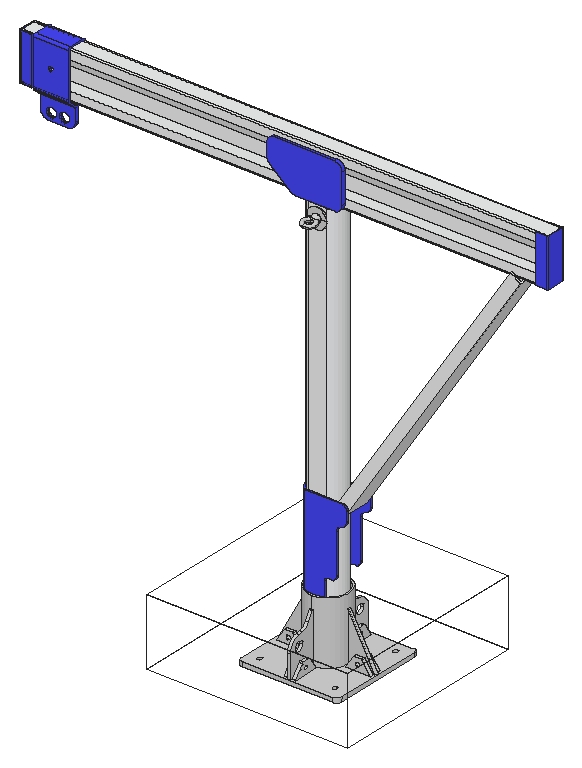
Revit family "FallProtection_DavitBase_Kattsafe_FloorMount_AdhesiveFixed_LowProfile", category Specialty Equipment, Revit 2025 (continued)
Definition of nested family "Ropeaccess_Davitarm_Kattsafe"
  Automatic sketch dimensions
    Extrusion 12 sketch curve to Extrusion 12 sketch curve = 1.216 mm
    Extrusion 12 sketch curve to Extrusion 12 sketch curve = 3.716 mm
    Extrusion 12 sketch curve to Extrusion 12 sketch curve = 2.5 mm
    Extrusion 12 sketch curve to plane 3 "MastCentre" = 1.229 mm
    curve 1 to plane 12 "BraceBottomPivot" = 0 mm
    curve 1 to plane 25 "MastJoinRight" = 0 mm
    curve 1 to plane 21 "ArmBracePivot" = 6.413 mm
    profile plane to Sweep 13 sketch curve = 23 mm  (x2)
    Sweep 13 sketch curve to profile plane = 18 mm
    Sweep 13 sketch curve to Sweep 13 sketch curve = 5 mm  (x3)
    Sweep 13 sketch curve to profile plane = 50 mm
    profile plane to Sweep 13 sketch curve = 45 mm
    plane 30 "BracketCentre" to Revolve 14 sketch curve = 0 mm
    Revolve 14 sketch curve to plane 31 "BracketFrontCentre" = 0 mm
    Revolve 14 sketch curve to plane 5 "Front" = 6.25 mm
    plane 22 "ArmCentre_Elevation" to Revolve 14 sketch curve = 25 mm
    plane 23 "MastJoinTop" to Revolve 14 sketch curve = 35 mm
    Revolve 15 sketch curve to plane 3 "MastCentre" = 0 mm  (x2)
    Revolve 15 sketch curve to plane 27 "MastFront" = 0 mm
    Revolve 15 sketch curve to plane 27 "MastFront" = 5 mm
    plane 27 "MastFront" to Revolve 15 sketch curve = 1.183 mm
    Revolve 15 sketch curve to Revolve 15 sketch curve = 0.462 mm
    plane 3 "MastCentre" to Revolve 15 sketch curve = 6.999 mm
    Revolve 15 sketch curve to plane 31 "BracketFrontCentre" = 18.22 mm
    Revolve 15 sketch curve to Revolve 15 sketch curve = 0.789 mm
    Revolve 15 sketch curve to Revolve 15 sketch curve = 2.02 mm
    plane 3 "MastCentre" to Revolve 15 sketch curve = 15.462 mm
    plane 5 "Front" to Revolve 15 sketch curve = 21.7 mm
    Revolve 15 sketch curve to Revolve 15 sketch curve = 35 mm
    plane 30 "BracketCentre" to Revolve 16 sketch curve = 0 mm
    Revolve 16 sketch curve to plane 32 "BracketBackCentre" = 0 mm
    Revolve 16 sketch curve to plane 4 "Back" = 6.25 mm
    Revolve 16 sketch curve to plane 22 "ArmCentre_Elevation" = 25 mm
    Revolve 16 sketch curve to plane 23 "MastJoinTop" = 35 mm
    Revolve 17 sketch curve to plane 3 "MastCentre" = 0 mm  (x2)
    plane 28 "MastBack" to Revolve 17 sketch curve = 0 mm
    plane 28 "MastBack" to Revolve 17 sketch curve = 5 mm
    Revolve 17 sketch curve to plane 28 "MastBack" = 1.183 mm
    Revolve 17 sketch curve to Revolve 17 sketch curve = 0.462 mm
    Revolve 17 sketch curve to plane 3 "MastCentre" = 6.999 mm
    plane 32 "BracketBackCentre" to Revolve 17 sketch curve = 18.22 mm
    Revolve 17 sketch curve to Revolve 17 sketch curve = 0.789 mm
    Revolve 17 sketch curve to Revolve 17 sketch curve = 2.02 mm
    Revolve 17 sketch curve to plane 3 "MastCentre" = 15.462 mm
    plane 4 "Back" to Revolve 17 sketch curve = 21.7 mm
    Revolve 17 sketch curve to Revolve 17 sketch curve = 35 mm
    Extrusion 1 sketch curve to plane 15 "ArmFront" = 0 mm  (x2)
    plane 16 "ArmBottom" to Extrusion 1 sketch curve = 0 mm
    plane 13 "ArmTop" to Extrusion 1 sketch curve = 0 mm
    Extrusion 1 sketch curve to plane 14 "ArmBack" = 0 mm  (x2)
    Extrusion 1 sketch curve to plane 15 "ArmFront" = 5 mm  (x2)
    Extrusion 1 sketch curve to plane 15 "ArmFront" = 10 mm
    plane 14 "ArmBack" to Extrusion 1 sketch curve = 10 mm
    plane 14 "ArmBack" to Extrusion 1 sketch curve = 5 mm
    plane 29 "BraceTop" to Extrusion 1 sketch curve = 1.005 mm
    Extrusion 1 sketch curve to plane 20 "BraceTopPivot" = 19.995 mm  (x2)
    plane 22 "ArmCentre_Elevation" to Extrusion 1 sketch curve = 27 mm  (x2)
    Extrusion 1 sketch curve to plane 22 "ArmCentre_Elevation" = 27 mm  (x2)
    plane 23 "MastJoinTop" to Extrusion 1 sketch curve = 20 mm  (x2)
    Extrusion 4 sketch curve to plane 26 "MastJoinLeft" = 0 mm
    Extrusion 4 sketch curve to plane 23 "MastJoinTop" = 0 mm
    Extrusion 4 sketch curve to plane 24 "MastJoinBottom" = 0 mm
    Extrusion 4 sketch curve to plane 25 "MastJoinRight" = 0 mm
    plane 26 "MastJoinLeft" to Extrusion 4 sketch curve = 10.716 mm
    Extrusion 4 sketch curve to Extrusion 4 sketch curve = 30 mm  (x3)
    plane 22 "ArmCentre_Elevation" to Extrusion 4 sketch curve = 3.744 mm
    plane 16 "ArmBottom" to Extrusion 4 sketch curve = 2.981 mm
    plane 26 "MastJoinLeft" to Extrusion 4 sketch curve = 95.635 mm
    plane 20 "BraceTopPivot" to Extrusion 4 sketch curve = 0.005 mm
    Extrusion 4 sketch curve to plane 25 "MastJoinRight" = 30 mm
    Extrusion 5 sketch curve to plane 26 "MastJoinLeft" = 0 mm
    Extrusion 5 sketch curve to plane 23 "MastJoinTop" = 0 mm
    Extrusion 5 sketch curve to plane 24 "MastJoinBottom" = 0 mm
    Extrusion 5 sketch curve to plane 25 "MastJoinRight" = 0 mm
    plane 26 "MastJoinLeft" to Extrusion 5 sketch curve = 10.716 mm
    Extrusion 5 sketch curve to Extrusion 5 sketch curve = 30 mm  (x3)
    plane 22 "ArmCentre_Elevation" to Extrusion 5 sketch curve = 3.744 mm
    plane 16 "ArmBottom" to Extrusion 5 sketch curve = 2.981 mm
    plane 26 "MastJoinLeft" to Extrusion 5 sketch curve = 95.635 mm
    plane 20 "BraceTopPivot" to Extrusion 5 sketch curve = 0.005 mm
    Extrusion 5 sketch curve to plane 25 "MastJoinRight" = 30 mm
    Extrusion 7 sketch curve to Extrusion 7 sketch curve = 0 mm  (x14)
    Extrusion 7 sketch curve to plane 15 "ArmFront" = 0 mm
    plane 13 "ArmTop" to Extrusion 7 sketch curve = 0 mm
    plane 10 "Top" to Extrusion 7 sketch curve = 0 mm
    Extrusion 7 sketch curve to plane 14 "ArmBack" = 0 mm
    plane 15 "ArmFront" to Extrusion 7 sketch curve = 3.114 mm
    Extrusion 7 sketch curve to plane 15 "ArmFront" = 0.314 mm
    Extrusion 7 sketch curve to plane 16 "ArmBottom" = 0.432 mm  (x2)
    Extrusion 7 sketch curve to Extrusion 7 sketch curve = 0.686 mm  (x3)
    Extrusion 7 sketch curve to plane 15 "ArmFront" = 5 mm
    plane 1 "Centre (Front/Back)" to Extrusion 7 sketch curve = 6.5 mm
    plane 1 "Centre (Front/Back)" to Extrusion 7 sketch curve = 5.5 mm
    plane 1 "Centre (Front/Back)" to Extrusion 7 sketch curve = 2.386 mm
    plane 1 "Centre (Front/Back)" to Extrusion 7 sketch curve = 0.5 mm
    Extrusion 7 sketch curve to plane 1 "Centre (Front/Back)" = 0.5 mm
    Extrusion 7 sketch curve to plane 1 "Centre (Front/Back)" = 2.386 mm
    Extrusion 7 sketch curve to Extrusion 7 sketch curve = 5 mm  (x2)
    Extrusion 7 sketch curve to Extrusion 7 sketch curve = 0.314 mm
    plane 14 "ArmBack" to Extrusion 7 sketch curve = 1 mm
    plane 16 "ArmBottom" to Extrusion 7 sketch curve = 0.296 mm
    Extrusion 7 sketch curve to plane 14 "ArmBack" = 3.114 mm
    plane 24 "MastJoinBottom" to Extrusion 7 sketch curve = 20.723 mm
    plane 30 "BracketCentre" to Extrusion 7 sketch curve = 59.5 mm
    Masking region 1 sketch curve to Masking region 1 sketch curve = 0 mm  (x5)
    Masking region 1 sketch curve to plane 3 "MastCentre" = 0 mm  (x2)
    Masking region 1 sketch curve to plane 32 "BracketBackCentre" = 0 mm
    Masking region 1 sketch curve to plane 28 "MastBack" = 0 mm
    Masking region 1 sketch curve to plane 26 "MastJoinLeft" = 0 mm  (x2)
    plane 14 "ArmBack" to Masking region 1 sketch curve = 0 mm  (x3)
    Masking region 1 sketch curve to plane 6 "Right" = 0 mm
    Masking region 1 sketch curve to plane 7 "Left" = 0 mm
    plane 1 "Centre (Front/Back)" to Masking region 1 sketch curve = 0 mm  (x2)
    plane 15 "ArmFront" to Masking region 1 sketch curve = 0 mm  (x3)
    plane 27 "MastFront" to Masking region 1 sketch curve = 0 mm
    plane 31 "BracketFrontCentre" to Masking region 1 sketch curve = 0 mm
    Masking region 1 sketch curve to plane 32 "BracketBackCentre" = 0.236 mm
    plane 3 "MastCentre" to Masking region 1 sketch curve = 4.45 mm
    Masking region 1 sketch curve to plane 32 "BracketBackCentre" = 16.2 mm
    plane 28 "MastBack" to Masking region 1 sketch curve = 10.732 mm
    plane 28 "MastBack" to Masking region 1 sketch curve = 10.596 mm
    Masking region 1 sketch curve to Masking region 1 sketch curve = 4.596 mm  (x2)
    Masking region 1 sketch curve to Masking region 1 sketch curve = 6 mm  (x2)
    Masking region 1 sketch curve to plane 28 "MastBack" = 6.8 mm
    Masking region 1 sketch curve to Masking region 1 sketch curve = 2.5 mm
    Masking region 1 sketch curve to plane 28 "MastBack" = 9.3 mm
    Masking region 1 sketch curve to Masking region 1 sketch curve = 5 mm  (x3)
    Masking region 1 sketch curve to plane 14 "ArmBack" = 5 mm
    plane 17 "ArmLeft" to Masking region 1 sketch curve = 1 mm
    Masking region 1 sketch curve to plane 14 "ArmBack" = 3 mm
    Masking region 1 sketch curve to Masking region 1 sketch curve = 3 mm  (x3)
    plane 14 "ArmBack" to Masking region 1 sketch curve = 1 mm
    Masking region 1 sketch curve to plane 15 "ArmFront" = 1 mm  (x2)
    plane 15 "ArmFront" to Masking region 1 sketch curve = 10 mm
    Masking region 1 sketch curve to plane 27 "MastFront" = 9.3 mm  (x2)
    plane 27 "MastFront" to Masking region 1 sketch curve = 6 mm
    Masking region 1 sketch curve to Masking region 1 sketch curve = 4.732 mm
    Masking region 1 sketch curve to plane 3 "MastCentre" = 4.45 mm
    Masking region 1 sketch curve to Masking region 1 sketch curve = 10.404 mm
    Masking region 1 sketch curve to plane 31 "BracketFrontCentre" = 0.236 mm
    Masking region 1 sketch curve to Masking region 1 sketch curve = 46 mm  (x2)
    Masking region 1 sketch curve to Masking region 1 sketch curve = 14 mm  (x2)
    plane 19 "RiggingAnchor" to Masking region 1 sketch curve = 70 mm
    Masking region 1 sketch curve to plane 3 "MastCentre" = 58.974 mm  (x2)
    Masking region 1 sketch curve to Masking region 1 sketch curve = 17.163 mm
    Masking region 1 sketch curve to plane 3 "MastCentre" = 14.715 mm  (x2)
    Masking region 1 sketch curve to Masking region 1 sketch curve = 1.951 mm  (x2)
    Masking region 1 sketch curve to plane 3 "MastCentre" = 0.169 mm  (x2)
    plane 3 "MastCentre" to Masking region 1 sketch curve = 1.229 mm
    Masking region 1 sketch curve to Masking region 1 sketch curve = 2.008 mm  (x2)
    Masking region 1 sketch curve to Masking region 1 sketch curve = 35.139 mm  (x2)
    Masking region 1 sketch curve to Masking region 1 sketch curve = 16.686 mm  (x2)
    plane 25 "MastJoinRight" to Masking region 1 sketch curve = 30 mm  (x2)
    plane 21 "ArmBracePivot" to Masking region 1 sketch curve = 12.927 mm  (x2)
    Masking region 1 sketch curve to Masking region 1 sketch curve = 36.447 mm  (x2)
    Masking region 1 sketch curve to Masking region 1 sketch curve = 13.626 mm  (x2)
    curve 18 to curve 21 = 0 mm  (x2)
    curve 19 to plane 28 "MastBack" = 0 mm
    plane 14 "ArmBack" to curve 25 = 0 mm
    curve 7 to plane 14 "ArmBack" = 0 mm
    curve 8 to plane 14 "ArmBack" = 0 mm
    plane 14 "ArmBack" to curve 16 = 0 mm
    curve 9 to plane 14 "ArmBack" = 0 mm
    curve 26 to plane 18 "ArmRight" = 0 mm
    curve 7 to plane 17 "ArmLeft" = 0 mm
    plane 1 "Centre (Front/Back)" to curve 21 = 0 mm
    curve 3 to plane 15 "ArmFront" = 0 mm
    plane 15 "ArmFront" to curve 15 = 0 mm
    curve 9 to plane 15 "ArmFront" = 0 mm
    plane 15 "ArmFront" to curve 22 = 0 mm
    curve 8 to plane 15 "ArmFront" = 0 mm
    plane 27 "MastFront" to curve 20 = 0 mm
    curve 11 to plane 26 "MastJoinLeft" = 0 mm
    curve 10 to plane 26 "MastJoinLeft" = 0 mm
    curve 6 to curve 7 = 1 mm
    plane 14 "ArmBack" to curve 24 = 1 mm
    curve 24 to plane 15 "ArmFront" = 1 mm
    curve 4 to plane 15 "ArmFront" = 1 mm
    curve 20 to plane 3 "MastCentre" = 40 mm
    curve 19 to plane 3 "MastCentre" = 40 mm
    curve 18 to plane 3 "MastCentre" = 1.229 mm
    plane 25 "MastJoinRight" to curve 10 = 110 mm
    curve 11 to curve 10 = 0 mm
    curve 13 to plane 28 "MastBack" = 9.3 mm
    curve 17 to plane 14 "ArmBack" = 10 mm
    curve 15 to curve 14 = 10 mm
    curve 12 to plane 27 "MastFront" = 9.3 mm
    curve 3 to curve 3 = 46 mm
    curve 6 to curve 6 = 46 mm
    curve 3 to curve 8 = 14 mm
    plane 19 "RiggingAnchor" to curve 9 = 70 mm
    curve 13 to curve 18 = 8.013 mm
    curve 12 to curve 21 = 8.013 mm
    curve 20 to plane 25 "MastJoinRight" = 45.145 mm
    curve 19 to plane 25 "MastJoinRight" = 45.145 mm
    curve 19 to curve 13 = 9.119 mm
    curve 20 to curve 12 = 9.119 mm
    curve 17 to curve 11 = 0 mm
    curve 14 to curve 10 = 0 mm
    plane 21 "ArmBracePivot" to curve 17 = 12.927 mm
    plane 21 "ArmBracePivot" to curve 15 = 12.927 mm
    curve 14 to curve 15 = 0 mm
    curve 16 to curve 17 = 0 mm
    curve 22 to curve 22 = 46 mm
    curve 25 to curve 25 = 46 mm
    Revolve 15 sketch curve to Revolve 15 sketch curve = 23.448 mm
    Revolve 17 sketch curve to Revolve 17 sketch curve = 23.448 mm
    radius of Extrusion 8 sketch curve = 9 mm
    radius of Extrusion 8 sketch curve = 20 mm  (x2)
    radius of Revolve 14 sketch curve = 6.25 mm
    radius of Revolve 16 sketch curve = 6.25 mm
Definition of nested family "OperationalReach_DavitArm_Kattsafe"
  Parameters (values of type "Type 1")
    URL = "https://kattsafe.com.au/"
    OperationalReach [instance] = 1199 mm
    Manufacturer = "Kattsafe®"
    CircleVis [instance] = yes
    CircleRadius [instance] = 1070 mm
  Reference planes
    plane 1 "Center (Front/Back)": y = 0
    plane 2: z = 0
    plane 3 "Center (Left/Right)": x = 0
    plane 4 "Center (F/C": y = 1199
    plane 5 "Center (F/D": y = 995
  Lines and regions (mm)
    detail lines, in view "Ref. Level", detail levels medium+fine
      curve 1: line (-34, 1199, 0) -> (34, 1199, 0)
      curve 2: arc (38, 1195, 0) -> (36.828, 1197.828, 0) -> (34, 1199, 0) r 4
      curve 3: line (38, 1195, 0) -> (38, 1149, 0)
      curve 4: line (38, 1149, 0) -> (35, 1149, 0)
      curve 5: line (35, 1149, 0) -> (35, 1135, 0)
      curve 6: line (35, 1135, 0) -> (40, 1135, 0)
      curve 7: line (40, 995, 0) -> (35, 995, 0)
      curve 8: line (40, 1135, 0) -> (40, 995, 0)
      curve 9: line (35, 995, 0) -> (35, 205, 0)
      curve 10: line (47.5, 205, 0) -> (47.5, 114.675, 0)
      curve 11: line (47.5, 205, 0) -> (35, 205, 0)
      curve 12: arc (-38, 1195, 0) -> (-36.828, 1197.828, 0) -> (-34, 1199, 0) r 4
      curve 13: line (-38, 1195, 0) -> (-38, 1149, 0)
      curve 14: line (-38, 1149, 0) -> (-35, 1149, 0)
      curve 15: line (-35, 1149, 0) -> (-35, 1135, 0)
      curve 16: line (-35, 1135, 0) -> (-40, 1135, 0)
      curve 17: line (-40, 1135, 0) -> (-40, 995, 0)
      curve 18: line (-52.5, 205, 0) -> (-52.5, 114.675, 0)
      curve 19: line (-52.5, 205, 0) -> (-35, 205, 0)
      curve 20: line (-40, 995, 0) -> (-35, 995, 0)
      curve 21: line (-35, 995, 0) -> (-35, 205, 0)
    detail lines, in view "Ref. Level", visible <- "CircleVis"
      curve 22: circle (0, 0, 0) r 1070 normal (0, 0, 1)
  Dimensions and locks
    "OperationalReach": plane 4 "Center (F/C" to plane 1 "Center (Front/Back)"
    locked: plane 5 "Center (F/D" to plane 4 "Center (F/C" at 204
    "CircleRadius": radius of curve 22
    aligned and locked: curve 7 to plane 5 "Center (F/D"
    aligned and locked: plane 5 "Center (F/D" to curve 20
    aligned and locked: plane 4 "Center (F/C" to curve 1
  Automatic sketch dimensions
    plane 1 "Center (Front/Back)" to curve 22 = 0 mm
    curve 22 to plane 3 "Center (Left/Right)" = 0 mm
    plane 4 "Center (F/C" to curve 12 = 4 mm
    curve 12 to plane 3 "Center (Left/Right)" = 34 mm
    curve 19 to plane 3 "Center (Left/Right)" = 35 mm
    curve 13 to curve 16 = 3 mm
    curve 16 to curve 15 = 5 mm
    curve 19 to curve 19 = 17.5 mm
    plane 3 "Center (Left/Right)" to curve 1 = 34 mm
    plane 3 "Center (Left/Right)" to curve 9 = 35 mm
    plane 3 "Center (Left/Right)" to curve 5 = 35 mm
    curve 4 to curve 3 = 3 mm
    curve 5 to curve 6 = 5 mm
    curve 9 to curve 11 = 12.5 mm
    curve 21 to plane 1 "Center (Front/Back)" = 205 mm
    curve 19 to curve 11 = 0 mm
    curve 16 to curve 12 = 60 mm
    curve 8 to curve 2 = 60 mm
    curve 16 to curve 13 = 14 mm
    curve 6 to curve 4 = 14 mm
    curve 18 to curve 18 = 90.325 mm
    curve 10 to curve 10 = 90.325 mm
Types (5, lengths in mm): name | Type Comments | RightOffset | OperationalRangeVis | OperationalRangeRadius | OperationalRangeOA | Model | ManufacturerSpecCode | ManufacturerOverallWidth | ManufacturerOverallHeight | DavitArmVis | ArmWidth | ArmHeight
  Base Only (OH523 + OH254) | "Base Only" | 200 | no | 1070 | 1199 | "OH523 + OH254" | "OH523 + OH254" | 400 | 266 | no | 2506 | 2400
  1000mm Reach - 1600H (OH510.1600 + OH523 + OH254) | "1000mm Reach - 1600mm Height Clearance - Min. 200mm Slab Req." | 907 | yes | 1070 | 1199 | "OH510.1600 + OH523 + OH254" | "OH510.1600 + OH523 + OH254" | 2106 | 1850 | yes | 2106 | 1800
  1000mm Reach - 2200H (OH510.2200 + OH523 + OH254) | "1000mm Reach - 2200mm Height Clearance - Min. 200mm Slab Req." | 907 | yes | 1070 | 1199 | "OH510.2200 + OH523 + OH254" | "OH510.2200 + OH523 + OH254" | 2106 | 2450 | yes | 2106 | 2400
  1400mm Reach - 1600H (OH514.1600 + OH523 + OH254) | "1400mm Reach - 1600mm Height Clearance - Min. 220mm Slab Req." | 907 | yes | 1470 | 1599 | "OH514.1600 + OH523 + OH254" | "OH514.1600 + OH523 + OH254" | 2506 | 1850 | yes | 2506 | 1800
  1400mm Reach - 2200H (OH514.2200 + OH523 + OH254) | "1400mm Reach - 2200mm Height Clearance - Min. 220mm Slab Req." | 907 | yes | 1470 | 1599 | "OH514.2200 + OH523 + OH254" | "OH514.2200 + OH523 + OH254" | 2506 | 2450 | yes | 2506 | 2400
